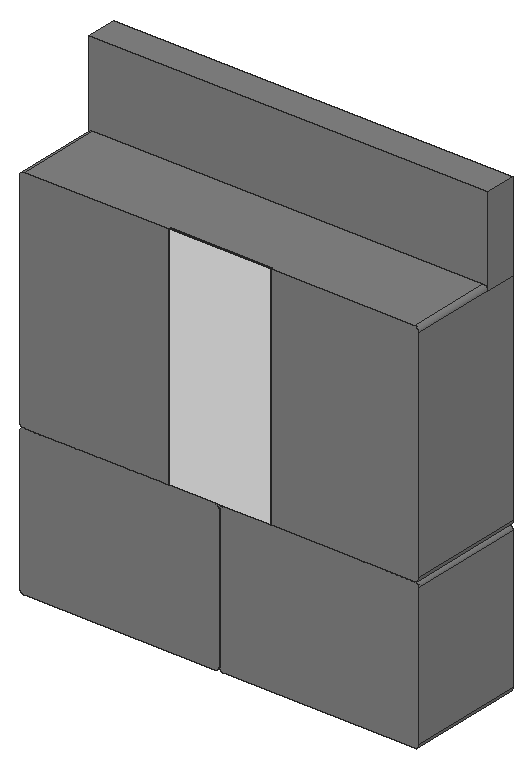
Revit family "Evoflat 4.0M_RFA_1", category Mechanical Equipment, Revit 2019
Family settings
  Round Connector Dimension = Use Diameter
  Classification = None
  Part Type = Normal
  OmniClass Number = 23.75.65.11.11
  OmniClass Title = Heating Controllers
  Work Plane-Based = No
  Always vertical = Yes
  Cut with Voids When Loaded = No
  Shared = No
  Room Calculation Point = No
Parameters (values of type "Evoflat 4.0M_Type 1_Cu_183B2000")
  Weight = 10.80 kg  # constant formula
  W1 = 44 mm
  W = 155 mm
  Voltage = 230 V
  URL = "https://store.danfoss.com/en/Climate-Solutions-for-heating/Stations/Direct-heating-with-mixing-and-domestic-hot-water/c/4057?q=%3Arelevance%3Adanfoss_producttypehierarchydesc%3AEvoFlat+4.0M&text="
  Type Image = <None>
  Type Comments = ""
  Top [instance] = if(or(Clearance Zone Visibility, Clearance Zone Top Visibility), 1 = 1, 1 = 0)  # no
  Right [instance] = if(or(Clearance Zone Visibility, Clearance Zone Right Visibility), 1 = 1, 1 = 0)  # no
  Pressure Drop (HE) [instance] = 0.0 Pa
  Pressure Drop (DHW) [instance] = 0.0 Pa
  Pressure Drop (DH) [instance] = 0.0 Pa
  Pressure Drop (DCW) [instance] = 0.0 Pa
  Power [instance] = 0 VA
  Nut size = 30 mm
  Nominal Pressure = "PN 10"  # constant formula
  Model Type = "Evoflat 4.0M_Type 1_Cu"
  Model (France) = "183B2008"
  Model (Austria) = "183B2004"
  Model = "183B2000"
  Max Supply Temperature = "95 °C"  # constant formula
  Manufacturer = "Danfoss"  # constant formula
  Left [instance] = if(or(Clearance Zone Visibility, Clearance Zone Left Visibility), 1 = 1, 1 = 0)  # no
  LOD 350 = not(LOD 200)  # yes
  LOD 200 = no
  L1a = 44 mm
  L1 = 96 mm
  L = 530 mm
  Insulation Material = Danfoss EPP insulation
  IfcExportType = "EvoFlat 4.0 M"  # constant formula
  IfcExportAs = "IfcFlowController"  # constant formula
  Heating Total Pressure Loss Primary = "20 kPa"  # constant formula
  Heating Flow Rate Supply = "500 l/h"  # constant formula
  Heating Circuit dT = "30 °C"  # constant formula
  Heating Capacity = 17.5 kW  # constant formula
  HEX material = Danfoss Copper
  H3 = 111 mm
  H2 = 8 mm
  H1 = 10 mm
  H = 613 mm
  Front [instance] = if(or(Clearance Zone Visibility, Clearance Zone Front Visibility), 1 = 1, 1 = 0)  # no
  Flow (HE) [instance] = 0.0 L/s
  Flow (DHW) [instance] = 0.0 L/s
  Flow (DH) [instance] = 0.0 L/s
  Flow (DCW) [instance] = 0.0 L/s
  Description = "Flat Station"  # constant formula
  DHW capacity = 43 kW
  DHW Temperature DHS/DHR = "65/16 °C"
  DHW Tap Load 50°C = "15.4 l/min"
  DHW Pressure Loss Primary = "32 kPa"
  DHW Flow Rate Primary = "750 l/h"
  D = 20 mm
  Connection = "G 3/4 Internal Thread"  # constant formula
  Clearance Zone Visibility [instance] = no
  Clearance Zone Top Visibility [instance] = no
  Clearance Zone Top [instance] = 25 mm
  Clearance Zone Right Visibility [instance] = no
  Clearance Zone Right [instance] = 50 mm
  Clearance Zone Left Visibility [instance] = no
  Clearance Zone Left [instance] = 50 mm
  Clearance Zone Front Visibility [instance] = no
  Clearance Zone Front [instance] = 150 mm
  Clearance Zone Bottom Visibility [instance] = no
  Clearance Zone Bottom [instance] = 25 mm
  Bottom [instance] = if(or(Clearance Zone Visibility, Clearance Zone Bottom Visibility), 1 = 1, 1 = 0)  # no
  Assembly Code = ""
Types (8, lengths in mm): name | Model Type | Model (France) | Model (Austria) | Model | HEX material | DHW capacity | DHW Temperature DHS/DHR | DHW Tap Load 50°C | DHW Pressure Loss Primary | DHW Flow Rate Primary
  Evoflat 4.0M_Type 1_Cu_183B2000 | "Evoflat 4.0M_Type 1_Cu" | "183B2008" | "183B2004" | "183B2000" | Danfoss Copper | 43 kW | "65/16 °C" | "15.4 l/min" | "32 kPa" | "750 l/h"
  Evoflat 4.0M_Type 3_Cu_183B2002 | "Evoflat 4.0M_Type 3_Cu" | "183B2010" | "183B2006" | "183B2002" | Danfoss Copper | 55 kW | "65/15 °C" | "19.8 l/min" | "40 kPa" | "943 l/h"
  Evoflat 4.0M_Type 2_Cu_183B2001 | "Evoflat 4.0M_Type 2_Cu" | "183B2009" | "183B2005" | "183B2001" | Danfoss Copper | 49 kW | "65/15 °C" | "17.6 l/min" | "35 kPa" | "844 l/h"
  Evoflat 4.0M_Type 4_Cu_183B2003 | "Evoflat 4.0M_Type 4_Cu" | "183B2011" | "183B2007" | "183B2003" | Danfoss Copper | 70 kW | "65/14 °C" | "25.2 l/min" | "57 kPa" | "1197 l/h"
  Evoflat 4.0M_Type 1_Sts_183B2500 | "Evoflat 4.0M_Type 1_Sts" | "183B2508" | "183B2504" | "183B2500" | Danfoss Stainless Steel | 43 kW | "65/16 °C" | "15.4 l/min" | "32 kPa" | "750 l/h"
  Evoflat 4.0M_Type 2_Sts_183B2501 | "Evoflat 4.0M_Type 2_Sts" | "183B2509" | "183B2505" | "183B2501" | Danfoss Stainless Steel | 49 kW | "65/15 °C" | "17.6 l/min" | "35 kPa" | "844 l/h"
  Evoflat 4.0M_Type 3_Sts_183B2502 | "Evoflat 4.0M_Type 3_Sts" | "183B2510" | "183B2506" | "183B2502" | Danfoss Stainless Steel | 55 kW | "65/15 °C" | "19.8 l/min" | "40 kPa" | "943 l/h"
  Evoflat 4.0M_Type 4_Sts_183B2503 | "Evoflat 4.0M_Type 4_Sts" | "183B2511" | "183B2507" | "183B2503" | Danfoss Stainless Steel | 70 kW | "65/14 °C" | "25.2 l/min" | "57 kPa" | "1197 l/h"
Reference planes
  plane 1 "Center (Front/Back)": y = 0
  plane 2: z = 0
  plane 3 "Center (Left/Right)": x = 0
  plane 4: y = -44
  plane 5: x = -265
  plane 6: x = 265
  plane 7: z = 613
  plane 8: y = -155
  plane 9: z = 10
  plane 10: z = -8
  plane 11: z = 502
  plane 12: x = -169
  plane 13: x = 221
  plane 14: y = -41.5
  plane 15: z = 198
Forms (mm)
  Extrusion 1, solid, material "Danfoss EPP insulation", visible <- "LOD 200", detail levels fine
    sketch origin (0, 0, 0) x (1, 0, 0) y (0, 0, 1)
      loop
        line (-265, 502) -> (-265, 0) -> (265, 0) -> (265, 502) -> (-265, 502)
    from 0 to 155 <- "W"
  Extrusion 2, solid, material "Danfoss Brass", detail levels fine
    sketch origin (0, 0, 0) x (1, 0, 0) y (0, 1, 0)
      loop
        line (-169, -26.679) -> (-184, -35.34) -> (-184, -52.66) -> (-169, -61.321) -> (-154, -52.66) -> (-154, -35.34) -> (-169, -26.679)
    from -8 to 10
  Extrusion 3, solid, visible <- "Front"
    sketch origin (15, -155, 238.394) x (1, 0, 0) y (0, 0, 1)
      loop
        line (-280, 374.606) -> (-280, -238.394) -> (250, -238.394) -> (250, 374.606) -> (-280, 374.606)
    from 150 <- "Clearance Zone Front" to 0
  Extrusion 4, solid, visible <- "Right"
    sketch origin (0, 0, 0) x (1, 0, 0) y (0, 0, 1)
      loop
        line (265, 613) -> (265, 0) -> (315, 0) -> (315, 613) -> (265, 613)
    from 155 <- "W" to 0
  Extrusion 5, solid, visible <- "Left"
    sketch origin (0, 0, 0) x (1, 0, 0) y (0, 0, 1)
      loop
        line (-265, 613) -> (-315, 613) -> (-315, 0) -> (-265, 0) -> (-265, 613)
    from 155 <- "W" to 0
  Extrusion 6, solid, visible <- "Top"
    sketch origin (0, 0, 0) x (1, 0, 0) y (0, 0, 1)
      loop
        line (-265, 613) -> (265, 613) -> (265, 638) -> (-265, 638) -> (-265, 613)
    from 155 <- "W" to 0
  Extrusion 7, solid, visible <- "Bottom"
    sketch origin (0, 0, 0) x (1, 0, 0) y (0, 0, 1)
      loop
        line (-265, 0) -> (-265, -25) -> (265, -25) -> (265, 0) -> (-265, 0)
    from 155 <- "W" to 0
  Extrusion 8, solid, material "Danfoss Brass", detail levels fine
    sketch origin (390, 0, 0) x (1, 0, 0) y (0, 1, 0)
      loop
        line (-169, -26.679) -> (-184, -35.34) -> (-184, -52.66) -> (-169, -61.321) -> (-154, -52.66) -> (-154, -35.34) -> (-169, -26.679)
    from -8 to 10
  Extrusion 9, solid, material "Danfoss Brass", detail levels fine
    sketch origin (65, 0, 0) x (1, 0, 0) y (0, 1, 0)
      loop
        line (-169, -26.679) -> (-184, -35.34) -> (-184, -52.66) -> (-169, -61.321) -> (-154, -52.66) -> (-154, -35.34) -> (-169, -26.679)
    from -8 to 10
  Extrusion 10, solid, material "Danfoss Brass", detail levels fine
    sketch origin (130, 0, 0) x (1, 0, 0) y (0, 1, 0)
      loop
        line (-169, -26.679) -> (-184, -35.34) -> (-184, -52.66) -> (-169, -61.321) -> (-154, -52.66) -> (-154, -35.34) -> (-169, -26.679)
    from -8 to 10
  Extrusion 11, solid, material "Danfoss Brass", detail levels fine
    sketch origin (195, 0, 0) x (1, 0, 0) y (0, 1, 0)
      loop
        line (-169, -26.679) -> (-184, -35.34) -> (-184, -52.66) -> (-169, -61.321) -> (-154, -52.66) -> (-154, -35.34) -> (-169, -26.679)
    from -8 to 10
  Extrusion 12, solid, material "Danfoss Brass", detail levels fine
    sketch origin (260, 0, 0) x (1, 0, 0) y (0, 1, 0)
      loop
        line (-169, -26.679) -> (-184, -35.34) -> (-184, -52.66) -> (-169, -61.321) -> (-154, -52.66) -> (-154, -35.34) -> (-169, -26.679)
    from -8 to 10
  Extrusion 13, solid, material "Danfoss Brass", detail levels fine
    sketch origin (325, 0, 0) x (1, 0, 0) y (0, 1, 0)
      loop
        line (-169, -26.679) -> (-184, -35.34) -> (-184, -52.66) -> (-169, -61.321) -> (-154, -52.66) -> (-154, -35.34) -> (-169, -26.679)
    from -8 to 10
  Extrusion 14, solid, material "Danfoss EPP insulation" <- "Insulation Material", visible <- "LOD 350", detail levels fine
    sketch origin (0, 0, 0) x (1, 0, 0) y (0, 0, 1)
      loop
        arc (-259, 502) -> (-263.243, 500.243) -> (-265, 496) r 6
        line (-265, 496) -> (-265, 204)
        arc (-265, 204) -> (-263.243, 199.757) -> (-259, 198) r 6
        line (-259, 198) -> (259, 198)
        arc (259, 198) -> (263.243, 199.757) -> (265, 204) r 6
        line (265, 204) -> (265, 496)
        arc (265, 496) -> (263.243, 500.243) -> (259, 502) r 6
        line (259, 502) -> (-259, 502)
    from 155 to 0
  Extrusion 15, solid, material "Danfoss EPP insulation" <- "Insulation Material", visible <- "LOD 350", detail levels fine
    sketch origin (0, 0, 0) x (1, 0, 0) y (0, 0, 1)
      loop
        arc (-259, 198) -> (-263.243, 196.243) -> (-265, 192) r 6
        line (-265, 192) -> (-265, 6)
        arc (-265, 6) -> (-263.243, 1.757) -> (-259, 0) r 6
        line (-259, 0) -> (-6, 0)
        arc (-6, 0) -> (-1.757, 1.757) -> (0, 6) r 6
        line (0, 6) -> (0, 192)
        arc (0, 192) -> (-1.757, 196.243) -> (-6, 198) r 6
        line (-6, 198) -> (-259, 198)
    from 155 to 0
  Extrusion 16, solid, material "Danfoss EPP insulation" <- "Insulation Material", visible <- "LOD 350", detail levels fine
    sketch origin (0, 0, 0) x (1, 0, 0) y (0, 0, 1)
      loop
        arc (6, 198) -> (1.757, 196.243) -> (0, 192) r 6
        line (0, 192) -> (0, 6)
        arc (0, 6) -> (1.757, 1.757) -> (6, 0) r 6
        line (6, 0) -> (259, 0)
        arc (259, 0) -> (263.243, 1.757) -> (265, 6) r 6
        line (265, 6) -> (265, 192)
        arc (265, 192) -> (263.243, 196.243) -> (259, 198) r 6
        line (259, 198) -> (6, 198)
    from 155 to 0
  Extrusion 17, solid, material "Danfoss EPP insulation" <- "Insulation Material", detail levels fine
    sketch origin (0, 0, 0) x (0, 1, 0) y (0, 0, 1)
      loop
        line (-41.5, 613) -> (-41.5, 496) -> (0, 496) -> (0, 613) -> (-41.5, 613)
    from 265 to -265
  Extrusion 18, void
    sketch origin (0, 0, 0) x (1, 0, 0) y (0, 0, 1)
      loop
        line (-67.5, 198) -> (67.5, 198) -> (67.5, 502) -> (-67.5, 502) -> (-67.5, 198)
    from 155 to 152
  Extrusion 19, solid, material "Danfoss Plastic White", visible <- "LOD 350", detail levels fine
    sketch origin (0, 0, 0) x (1, 0, 0) y (0, 0, 1)
      loop
        line (-67.5, 502) -> (-67.5, 198) -> (67.5, 198) -> (67.5, 502) -> (-67.5, 502)
    from 155 to 152
  Extrusion 20, solid, detail levels coarse+medium
    sketch origin (0, 0, 0) x (1, 0, 0) y (0, 0, 1)
      loop
        line (-265, 613) -> (-265, -8) -> (265, -8) -> (265, 613) -> (-265, 613)
    from 155 to 0
Cuts and joins
  Extrusion 18 cuts Extrusion 3
  Extrusion 18 cuts Extrusion 14
  Extrusion 18 cuts Extrusion 15
  Extrusion 18 cuts Extrusion 16
  Extrusion 18 cuts Extrusion 17
Dimensions and locks
  "Clearance Zone Right": Extrusion 4 sketch curve to Extrusion 3
  "Clearance Zone Left": Extrusion 5 sketch curve to Extrusion 3
  "H": plane 7 to plane 2
  equal spacing: plane 6, plane 3 "Center (Left/Right)", plane 5
  "L": plane 6 to plane 5
  "W": plane 8 to plane 1 "Center (Front/Back)"
  "H1": plane 9 to level
  "H2": plane 2 to plane 10
  "W1": plane 4 to plane 1 "Center (Front/Back)"
  "H3": plane 7 to plane 11
  "L1": plane 5 to plane 12
  "Nut size": Extrusion 2 sketch curve to Extrusion 2 sketch curve  (x3)
  "L1a": plane 13 to plane 6
  "Nut size": Extrusion 8 sketch curve to Extrusion 8 sketch curve  (x3)
  equal spacing: group 1, group 3, group 4, group 5, group 6, group 7, group 2  (x3)
  "Nut size": Extrusion 9 sketch curve to Extrusion 9 sketch curve  (x3)
  "Nut size": Extrusion 10 sketch curve to Extrusion 10 sketch curve  (x3)
  "Nut size": Extrusion 11 sketch curve to Extrusion 11 sketch curve  (x3)
  "Nut size": Extrusion 12 sketch curve to Extrusion 12 sketch curve  (x3)
  "Nut size": Extrusion 13 sketch curve to Extrusion 13 sketch curve  (x3)
  locked: plane 14 to plane 1 "Center (Front/Back)" at 41.5
  locked: plane 15 to plane 2 at 198
  level to Extrusion 14 = 502 mm
  equal spacing: Extrusion 18 sketch curve, plane 3 "Center (Left/Right)", Extrusion 18 sketch curve
  Extrusion 18 sketch curve to Extrusion 18 sketch curve = 135 mm
  plane 11 to Extrusion 17 sketch curve = 6 mm
  "Clearance Zone Bottom": plane 2 to Extrusion 7 sketch curve
  "Clearance Zone Top": Extrusion 6 sketch curve to plane 7
  radius of Extrusion 14 sketch curve = 6 mm  (x4)
  radius of Extrusion 15 sketch curve = 6 mm  (x4)
  radius of Extrusion 16 sketch curve = 6 mm  (x4)
  angle Extrusion 2 sketch curve to Extrusion 2 sketch curve = 120.00°  (x3)
  angle Extrusion 8 sketch curve to Extrusion 8 sketch curve = 120.00°  (x3)
  angle Extrusion 9 sketch curve to Extrusion 9 sketch curve = 120.00°  (x3)
  angle Extrusion 10 sketch curve to Extrusion 10 sketch curve = 120.00°  (x3)
  angle Extrusion 11 sketch curve to Extrusion 11 sketch curve = 120.00°  (x3)
  angle Extrusion 12 sketch curve to Extrusion 12 sketch curve = 120.00°  (x3)
  angle Extrusion 13 sketch curve to Extrusion 13 sketch curve = 120.00°  (x3)
  aligned and locked: level to plane 2
  aligned and locked: Extrusion 3 sketch curve to Extrusion 1  (x2)
  aligned and locked: plane 2 to Extrusion 1 sketch curve
  aligned and locked: plane 5 to Extrusion 1 sketch curve
  aligned and locked: Extrusion 1 sketch curve to plane 6
  aligned and locked: plane 9 to Extrusion 2
  aligned and locked: Extrusion 2 to plane 10
  aligned and locked: plane 12 to Extrusion 2
  aligned and locked: plane 15 to Extrusion 14 sketch curve
  aligned and locked: Extrusion 14 sketch curve to plane 6
  aligned and locked: plane 8 to Extrusion 14
  aligned and locked: Extrusion 14 to plane 1 "Center (Front/Back)"
  aligned and locked: Extrusion 15 sketch curve to plane 15
  aligned and locked: plane 5 to Extrusion 15 sketch curve
  aligned and locked: Extrusion 15 sketch curve to plane 3 "Center (Left/Right)"
  aligned and locked: Extrusion 15 to plane 1 "Center (Front/Back)"
  aligned and locked: plane 8 to Extrusion 15
  aligned and locked: Extrusion 14 to Extrusion 16 sketch curve
  aligned and locked: plane 3 "Center (Left/Right)" to Extrusion 16 sketch curve
  aligned and locked: Extrusion 16 to plane 1 "Center (Front/Back)"
  aligned and locked: plane 8 to Extrusion 16
  aligned and locked: Extrusion 1 sketch curve to plane 11
  aligned and locked: Extrusion 17 sketch curve to plane 7
  aligned and locked: Extrusion 17 sketch curve to plane 14
  aligned and locked: Extrusion 17 sketch curve to Extrusion 1
  aligned and locked: Extrusion 17 to plane 5
  aligned and locked: plane 6 to Extrusion 17
  aligned and locked: Extrusion 18 sketch curve to plane 11
  aligned and locked: Extrusion 18 sketch curve to plane 15
  aligned and locked: Extrusion 19 sketch curve to cut or joined group of Extrusion 14, Extrusion 18
  aligned and locked: plane 8 to Extrusion 19
  aligned and locked: Extrusion 4 to Extrusion 18
  aligned and locked: Extrusion 3 sketch curve to plane 7
  aligned and locked: plane 2 to Extrusion 3 sketch curve
  aligned and locked: plane 2 to Extrusion 4 sketch curve
  aligned and locked: Extrusion 4 sketch curve to plane 7
  aligned and locked: plane 6 to Extrusion 4 sketch curve
  aligned and locked: Extrusion 5 sketch curve to plane 2
  aligned and locked: plane 7 to Extrusion 5 sketch curve
  aligned and locked: plane 5 to Extrusion 5 sketch curve
  aligned and locked: Extrusion 7 sketch curve to plane 2
  aligned and locked: plane 5 to Extrusion 7 sketch curve
  aligned and locked: Extrusion 7 sketch curve to plane 6
  aligned and locked: Extrusion 6 sketch curve to plane 7
  aligned and locked: Extrusion 6 sketch curve to plane 5
  aligned and locked: plane 6 to Extrusion 6 sketch curve
  aligned and locked: Extrusion 20 sketch curve to cut or joined group of Extrusion 17, Extrusion 18  (x2)
  aligned and locked: plane 10 to Extrusion 20 sketch curve
  aligned and locked: Extrusion 20 sketch curve to plane 6
  aligned and locked: Extrusion 20 to Extrusion 1
Automatic sketch dimensions
  Extrusion 2 sketch curve to Extrusion 2 sketch curve = 15 mm
  Extrusion 8 sketch curve to Extrusion 8 sketch curve = 15 mm
  Extrusion 9 sketch curve to Extrusion 9 sketch curve = 15 mm
  Extrusion 10 sketch curve to Extrusion 10 sketch curve = 15 mm
  Extrusion 11 sketch curve to Extrusion 11 sketch curve = 15 mm
  Extrusion 12 sketch curve to Extrusion 12 sketch curve = 15 mm
  Extrusion 13 sketch curve to Extrusion 13 sketch curve = 15 mm
  Extrusion 14 sketch curve to plane 5 = 0 mm
  Extrusion 14 sketch curve to plane 11 = 0 mm
  Extrusion 15 sketch curve to level = 0 mm
  Extrusion 16 sketch curve to level = 0 mm
  Extrusion 16 sketch curve to plane 6 = 0 mm
  Extrusion 19 sketch curve to plane 11 = 0 mm
  Extrusion 19 sketch curve to plane 3 "Center (Left/Right)" = 67.5 mm
  plane 3 "Center (Left/Right)" to Extrusion 19 sketch curve = 67.5 mm
Connectors
  piping at (-169, -44, -8), diameter 20, driven by "D", driven by "Flow (DCW)"
    settings: on Extrusion 2, index 1, connector inside diameter 609.6 mm, connector length 0 mm, flow factor 0, pipe flow 0.0 L/s, pressure drop 0.0 Pa, fitting loss kfactor 0, connector angle 0.00°, fixture units 0, engagement length 0 mm, angle of deflection 0.00°, flow configuration 0, flow direction 1, fitting loss method 0, system type 20, joint type 0, gender type 0, connector reference index -1, connector utility 0, adjustable connector no, is connector primary yes, connector description ""
  piping at (-104, -44, -8), diameter 20, driven by "D", driven by "Flow (DHW)"
    settings: on Extrusion 9, index 2, connector inside diameter 609.6 mm, connector length 0 mm, flow factor 0, pipe flow 0.0 L/s, pressure drop 0.0 Pa, fitting loss kfactor 0, connector angle 0.00°, fixture units 0, engagement length 0 mm, angle of deflection 0.00°, flow configuration 0, flow direction 2, fitting loss method 0, system type 19, joint type 0, gender type 0, connector reference index -1, connector utility 0, adjustable connector no, is connector primary no, connector description ""
  piping at (-39, -44, -8), diameter 20, driven by "D", driven by "Flow (DCW)"
    settings: on Extrusion 10, index 3, connector inside diameter 609.6 mm, connector length 0 mm, flow factor 0, pipe flow 0.0 L/s, pressure drop 0.0 Pa, fitting loss kfactor 0, connector angle 0.00°, fixture units 0, engagement length 0 mm, angle of deflection 0.00°, flow configuration 0, flow direction 2, fitting loss method 0, system type 20, joint type 0, gender type 0, connector reference index -1, connector utility 0, adjustable connector no, is connector primary no, connector description ""
  piping at (26, -44, -8), diameter 20, driven by "D", driven by "Flow (DH)"
    settings: on Extrusion 11, index 4, connector inside diameter 609.6 mm, connector length 0 mm, flow factor 0, pipe flow 0.0 L/s, pressure drop 0.0 Pa, fitting loss kfactor 0, connector angle 0.00°, fixture units 0, engagement length 0 mm, angle of deflection 0.00°, flow configuration 0, flow direction 1, fitting loss method 0, system type 7, joint type 0, gender type 0, connector reference index -1, connector utility 0, adjustable connector no, is connector primary no, connector description ""
  piping at (91, -44, -8), diameter 20, driven by "D", driven by "Flow (DH)"
    settings: on Extrusion 12, index 5, connector inside diameter 609.6 mm, connector length 0 mm, flow factor 0, pipe flow 0.0 L/s, pressure drop 0.0 Pa, fitting loss kfactor 0, connector angle 0.00°, fixture units 0, engagement length 0 mm, angle of deflection 0.00°, flow configuration 0, flow direction 2, fitting loss method 0, system type 8, joint type 0, gender type 0, connector reference index -1, connector utility 0, adjustable connector no, is connector primary no, connector description ""
  piping at (156, -44, -8), diameter 20, driven by "D", driven by "Flow (HE)"
    settings: on Extrusion 13, index 6, connector inside diameter 609.6 mm, connector length 0 mm, flow factor 0, pipe flow 0.0 L/s, pressure drop 0.0 Pa, fitting loss kfactor 0, connector angle 0.00°, fixture units 0, engagement length 0 mm, angle of deflection 0.00°, flow configuration 0, flow direction 2, fitting loss method 0, system type 7, joint type 0, gender type 0, connector reference index -1, connector utility 0, adjustable connector no, is connector primary no, connector description ""
  piping at (221, -44, -8), diameter 20, driven by "D", driven by "Flow (HE)"
    settings: on Extrusion 8, index 7, connector inside diameter 609.6 mm, connector length 0 mm, flow factor 0, pipe flow 0.0 L/s, pressure drop 0.0 Pa, fitting loss kfactor 0, connector angle 0.00°, fixture units 0, engagement length 0 mm, angle of deflection 0.00°, flow configuration 0, flow direction 1, fitting loss method 0, system type 8, joint type 0, gender type 0, connector reference index -1, connector utility 0, adjustable connector no, is connector primary no, connector description ""
  electrical at (0, 0, 0), driven by "Voltage", driven by "Power"
    settings: index 8, voltage 230 V, apparent load 0 VA, apparent load phase1 0 VA, apparent load phase2 0 VA, apparent load phase3 0 VA, power factor 0.95, load classification "HVAC", number of poles 1, system type 31, power factor state 1, is connector primary yes, connector utility no, sub classification motor no, connector description ""
